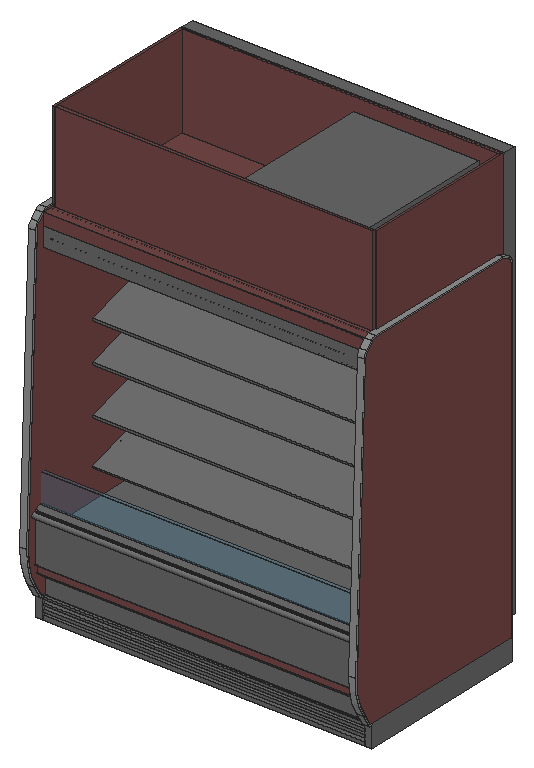
Revit family "O5MAK-NRG", category Mechanical Equipment, Revit 2017 (continued)
Automatic sketch dimensions
  Extrusion 14 sketch curve to Extrusion 14 sketch curve = 2.48965"
  Extrusion 14 sketch curve to Extrusion 14 sketch curve = 35.87868"
  Extrusion 14 sketch curve to Extrusion 14 sketch curve = 28.33046"
  Extrusion 14 sketch curve to Extrusion 14 sketch curve = 62.78654"
  Extrusion 14 sketch curve to Extrusion 14 sketch curve = 1.15905"
  Extrusion 38 sketch curve to Extrusion 38 sketch curve = 0.58422"
  Extrusion 38 sketch curve to Extrusion 38 sketch curve = 1.59273"
  Extrusion 38 sketch curve to Extrusion 38 sketch curve = 1.3055"
  Extrusion 38 sketch curve to Extrusion 38 sketch curve = 1.99843"
  Extrusion 38 sketch curve to Extrusion 38 sketch curve = 1.06066"
  Extrusion 38 sketch curve to Extrusion 38 sketch curve = 14.98825"
  Extrusion 38 sketch curve to Extrusion 38 sketch curve = 2.57893"
  Extrusion 38 sketch curve to Extrusion 38 sketch curve = 7.8819"
  Extrusion 38 sketch curve to Extrusion 38 sketch curve = 0.07914"
  Extrusion 38 sketch curve to Extrusion 38 sketch curve = 1 1/2"
  Extrusion 37 sketch curve to Extrusion 37 sketch curve = 0"  (x12)
  Extrusion 37 sketch curve to Extrusion 37 sketch curve = 0.2127"
  Extrusion 37 sketch curve to Extrusion 37 sketch curve = 0.2498"  (x2)
  Extrusion 37 sketch curve to Extrusion 37 sketch curve = 0.40744"
  Extrusion 37 sketch curve to Extrusion 37 sketch curve = 0.17678"  (x3)
  Extrusion 37 sketch curve to Extrusion 37 sketch curve = 1.666"
  Extrusion 37 sketch curve to Extrusion 37 sketch curve = 0.13944"
  Extrusion 37 sketch curve to Extrusion 37 sketch curve = 3/8"
  Extrusion 37 sketch curve to Extrusion 37 sketch curve = 1.3055"
  Extrusion 37 sketch curve to Extrusion 37 sketch curve = 1.41421"
  Extrusion 37 sketch curve to Extrusion 37 sketch curve = 1.06066"
  Extrusion 37 sketch curve to Extrusion 37 sketch curve = 12.76227"
  Extrusion 37 sketch curve to Extrusion 37 sketch curve = 0.00045"
  Extrusion 37 sketch curve to Extrusion 37 sketch curve = 0.2491"
  Extrusion 37 sketch curve to Extrusion 37 sketch curve = 1/4"
  Extrusion 37 sketch curve to Extrusion 37 sketch curve = 2.44757"
  Extrusion 37 sketch curve to Extrusion 37 sketch curve = 0.13137"
  Extrusion 37 sketch curve to Extrusion 37 sketch curve = 7.8819"
  Extrusion 37 sketch curve to Extrusion 37 sketch curve = 0.07914"
  Extrusion 37 sketch curve to Extrusion 37 sketch curve = 0.00989"
  Extrusion 37 sketch curve to Extrusion 37 sketch curve = 0.00113"
  Extrusion 37 sketch curve to Extrusion 37 sketch curve = 0.09324"
  Extrusion 36 sketch curve to Extrusion 36 sketch curve = 39 3/8"
  Extrusion 36 sketch curve to Extrusion 36 sketch curve = 4 7/8"
  Extrusion 37 sketch curve to Extrusion 37 sketch curve = 2.01327"
  Extrusion 37 sketch curve to Extrusion 37 sketch curve = 2.48965"
  Extrusion 37 sketch curve to Extrusion 37 sketch curve = 35.87868"
  Extrusion 37 sketch curve to Extrusion 37 sketch curve = 1.99955"
  Extrusion 37 sketch curve to Extrusion 37 sketch curve = 10.46084"
  Extrusion 37 sketch curve to Extrusion 37 sketch curve = 62.78654"
  Extrusion 37 sketch curve to Extrusion 37 sketch curve = 1.15792"
  Extrusion 38 sketch curve to Extrusion 38 sketch curve = 2.22598"
  Extrusion 38 sketch curve to Extrusion 38 sketch curve = 2.48965"
  Extrusion 38 sketch curve to Extrusion 38 sketch curve = 35.87868"
  Extrusion 38 sketch curve to Extrusion 38 sketch curve = 28.33046"
  Extrusion 38 sketch curve to Extrusion 38 sketch curve = 62.78654"
  Extrusion 38 sketch curve to Extrusion 38 sketch curve = 1.15905"
  Extrusion 27 sketch curve to Extrusion 27 sketch curve = 21.19075"
  Extrusion 27 sketch curve to Extrusion 27 sketch curve = 17.84148"
  Extrusion 39 sketch curve to Extrusion 39 sketch curve = 12.11663"
  Extrusion 39 sketch curve to Extrusion 39 sketch curve = 0.73273"
  Extrusion 39 sketch curve to Extrusion 39 sketch curve = 21.19075"
  Extrusion 39 sketch curve to Extrusion 39 sketch curve = 17.84148"
  radius of Extrusion 15 sketch curve = 2"
  radius of Extrusion 16 sketch curve = 1 1/2"
  radius of Extrusion 17 sketch curve = 2"
  radius of Extrusion 18 sketch curve = 1/2"
  radius of Extrusion 18 sketch curve = 3/8"
  radius of Extrusion 8 sketch curve = 9/16"
Connectors (in)
  piping at (44.8665, -15.55744, 14.5), diameter 0.5
    settings: on Extrusion 18, index 1, connector inside diameter 1/2", connector length 0", flow factor 0, pipe flow 0 GPM, pressure drop 0.00 psi, fitting loss kfactor 0, connector angle 0.000°, fixture units 0, engagement length 0", angle of deflection 0.000°, flow configuration 0, flow direction 2, fitting loss method 0, system type 7, joint type 0, gender type 0, connector reference index -1, connector utility 0, adjustable connector no, is connector primary yes, connector description "SUCTION LINE CONNECTION"
  piping at (43.35422, -15.55744, 14.5), diameter 0.375
    settings: on Extrusion 18, index 2, connector inside diameter 3/8", connector length 0", flow factor 0, pipe flow 0 GPM, pressure drop 0.00 psi, fitting loss kfactor 0, connector angle 0.000°, fixture units 0, engagement length 0", angle of deflection 0.000°, flow configuration 0, flow direction 1, fitting loss method 0, system type 8, joint type 0, gender type 0, connector reference index -1, connector utility 0, adjustable connector no, is connector primary no, connector description "LIQUID LINE CONNECTION"
  piping at (12, -44.43244, 2.62634), diameter 1.5
    settings: on Extrusion 16, index 3, connector inside diameter 1 1/2", connector length 0", flow factor 0, pipe flow 0 GPM, pressure drop 0.00 psi, fitting loss kfactor 0, connector angle 0.000°, fixture units 0, engagement length 0", angle of deflection 0.000°, flow configuration 0, flow direction 2, fitting loss method 0, system type 16, joint type 0, gender type 0, connector reference index -1, connector utility 0, adjustable connector no, is connector primary no, connector description "SANITARY CONNECTION"
  electrical at (4.17216, -25.68744, 2.69807)
    settings: on Extrusion 26, index 27, voltage 120 V, apparent load 0 VA, apparent load phase1 0 VA, apparent load phase2 0 VA, apparent load phase3 0 VA, power factor 1, load classification "Lighting", number of poles 1, system type 30, power factor state 1, is connector primary yes, connector utility no, sub classification motor no, connector description "LIGHTS - STANDARD POWER (SHELF or CORNICE)"
  electrical at (6.17216, -25.68744, 2.69807)
    settings: on Extrusion 26, index 28, voltage 120 V, apparent load 0 VA, apparent load phase1 0 VA, apparent load phase2 0 VA, apparent load phase3 0 VA, power factor 1, load classification "Motor", number of poles 1, system type 30, power factor state 1, is connector primary no, connector utility no, sub classification motor no, connector description "HIGH EFFICIENCY FANS CONNECTION"
  electrical at (8.17216, -25.68744, 2.69807)
    settings: on Extrusion 26, index 29, voltage 120 V, apparent load 0 VA, apparent load phase1 0 VA, apparent load phase2 0 VA, apparent load phase3 0 VA, power factor 1, load classification "Power", number of poles 1, system type 30, power factor state 1, is connector primary no, connector utility no, sub classification motor no, connector description "ANTI-SWEAT CONNECTION"
Types (2): name | Systems Minimum Circuit Amps | Systems Maximum Overcurrent Protection | Running Load (RLA) Amps | Refgn | Maximum Lights Watts | Maximum Lights Amps | Locked Rotor (LRA) Amps | Length of Cases | Length | Lbs. of Refrigerant | Condensed Horsepower | CONDENSING UNIT LOCATION | CENTER LINE
  4' | 20.7 A | 25 A | 9.6 A | 22 1/2" | 35 W | 0.29 A | 46 A | 48" | 48" | 4.5 | "1" | 40" | 24"
  6' | 25.06 A | 35 A | 12.6 A | 28 5/8" | 56 W | 0.47 A | 55 A | 0" | 72" | 5.2 | "1 - 3/4" | 67" | 36"
